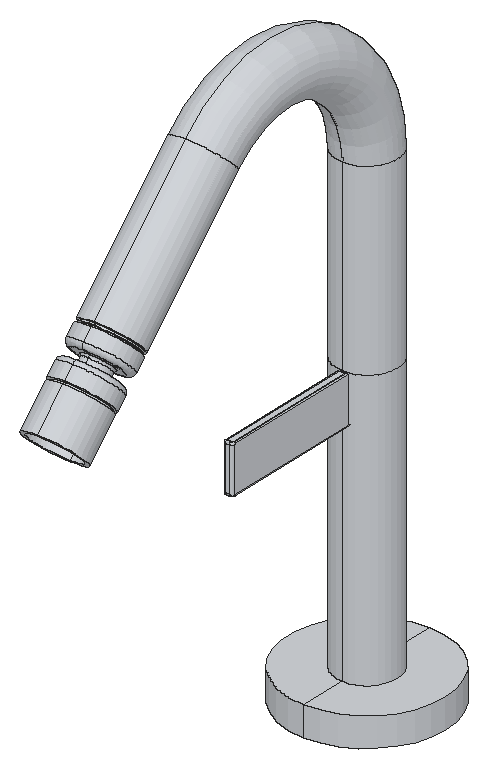
Revit family "Faucet-Bidet-KOHLER-Stillness-971W", category Plumbing Fixtures, host Face, Revit 2017
Family settings
  Host = Face
  Round Connector Dimension = Use Diameter
  Part Type = Normal
  OmniClass Number = 23.31.11.00
  OmniClass Title = Faucets
  Cut with Voids When Loaded = No
  Shared = No
  Room Calculation Point = No
Parameters (values of type "CP-Polished Chrome")
  Width = 2.32283"  # constant formula
  WaterSense Certified = 1 = 0  # no
  Waste Water Outlet = "Waste Water Outlet"  # constant formula
  Waste Connection = 1 = 0  # no
  Vent Connection = 1 = 0  # no
  URL = "https://www.kohler.co.uk/"
  Type = 1
  Spout Reach = 5.74803"  # constant formula
  Product Page URL = "https://www.kohler.co.uk/taps/deck-mount/stillness-single-lever-monobloc-bidet-mixer/"
  Product Name = "Stillness"  # constant formula
  Product Documentation Link = ""
  Pressure = 60.00 psi  # constant formula
  Model = "971W-4-CP"  # constant formula
  Material = "Brass Construction"  # constant formula
  Master Format 2014 Name = "Residential Faucets, Supplies, and Trim"  # constant formula
  Master Format 2014 = "22 41 39"  # constant formula
  Manufacturer Address = "Cromwell Road, Cheltenham, Gloucestershire. GL52 5EP Registered in England No. 252115"  # constant formula
  Manufacturer = "KOHLER Co."  # constant formula
  Length = Spout Reach  # 5.74803"
  Hot Water Inlet = "Hot Water Inlet"  # constant formula
  Height = 9.52756"  # constant formula
  Handle Clearance = 2.55906"  # constant formula
  HW Connection = 1 = 1  # yes
  Flow Rate = 1.4 GPM  # constant formula
  Finish = Kohler-Metal-CP-Polished_Chrome
  Environmental Product Declaration = ""
  Drain Included = 1 = 0  # no
  Description = "Single-lever monobloc bidet mixer"  # constant formula
  Default Elevation = 36"
  Declare Label = ""
  Date Modified = "10/15/2020"  # constant formula
  Date Created = "10/15/2020"  # constant formula
  Copyright = "Copyright KOHLER Co."  # constant formula
  Contact Us = "https://www.kohler.co.uk/support/contact/"
  Cold Water Inlet = "Cold Water Inlet"  # constant formula
  CW Connection = 1 = 1  # yes
  Assembly Code = "D2010"
  ADA Compliant = 1 = 0  # no
Reference planes (in)
  plane 1 "Center (Front/Back)": y = 0
  plane 2: z = 0
  plane 3 "Center (Left/Right)": x = 0
  plane 4: y = 1.16142
  plane 5: x = -1.16142
  plane 6: y = -1.16142
  plane 7: x = 1.16142
  plane 8: z = 0.43307
  plane 9: x = -0.45276
  plane 10: x = 0.45276
  plane 11: z = 9.52756
  plane 12: through (0, -6.06336, 5.51144) normal (0, 0.7071, -0.7071)
  plane 13: y = -5.74803
  plane 14: y = -2.55906
  plane 15: z = 5.82677
  plane 16: z = 3.8189
  plane 17: y = -6.06818
  plane 18: y = 0.45276
  plane 19: y = -0.45276
Dimensions and locks (in)
  "Height": plane 11 to level
  "Width": plane 5 to plane 7
  "Handle Clearance": plane 1 "Center (Front/Back)" to plane 14
  plane 10 to plane 9 = 0.90551"
  plane 8 to level = 0.43307"
  plane 16 to level = 3.8189"
  level to plane 15 = 5.82677"
  "Spout Reach": plane 1 "Center (Front/Back)" to plane 13
  plane 1 "Center (Front/Back)" to plane 17 = 6.06818"
  "Length": plane 13 to plane 1 "Center (Front/Back)"
  aligned and locked: plane 2 to host face
  aligned and locked: level to host face
Automatic sketch dimensions
  host sketch curve to host sketch curve = 96"  (x2)
Nested families (in)
  nested 1: "971W" at (0, 0, 0), type "971W"
Connectors (in)
  piping at (-0.45276, 0, 0), diameter 0.5, driven by "Flow Rate", driven by "Pressure", driven by "HW Connection", driven by "Hot Water Inlet"
    settings: on nested 1, index 1, connector inside diameter 24", connector length 0", flow factor 0, pipe flow 1.4 GPM, pressure drop 60.00 psi, fitting loss kfactor 0, connector angle 0.00°, fixture units 0, engagement length 0", angle of deflection 0.00°, flow configuration 1, flow direction 1, fitting loss method 4, system type 19, joint type 0, gender type 0, connector reference index -1, connector utility 1, adjustable connector no, is connector primary yes, connector description "Hot Water Inlet"
  piping at (0.45276, 0, 0), diameter 0.5, driven by "Flow Rate", driven by "Pressure", driven by "CW Connection", driven by "Cold Water Inlet"
    settings: on nested 1, index 2, connector inside diameter 24", connector length 0", flow factor 0, pipe flow 1.4 GPM, pressure drop 60.00 psi, fitting loss kfactor 0, connector angle 0.00°, fixture units 0, engagement length 0", angle of deflection 0.00°, flow configuration 1, flow direction 1, fitting loss method 4, system type 20, joint type 0, gender type 0, connector reference index -1, connector utility 1, adjustable connector no, is connector primary no, connector description "Cold Water Inlet"
Definition of nested family "971W"
  Parameters (values of type "971W")
    Material = none
  Reference planes (in)
    plane 1 "Center (Front/Back)": y = 0
    plane 2: z = 0
    plane 3 "Center (Left/Right)": x = 0
    plane 4: y = 1.16142
    plane 5: y = 0.45276
    plane 6: z = 0.43307
    plane 7: z = 3.8189
    plane 8: y = -2.55906
    plane 9: x = -1.16142
    plane 10: x = -0.45276
    plane 11: x = 1.16142
    plane 12: x = 0.45276
    plane 13: y = -1.16142
    plane 14: y = -0.45276
    plane 15: z = 9.52756
    plane 16: y = -5.74803
    plane 17: z = 5.82677
    plane 18: through (0, -5.74803, 5.82677) normal (0, -0.7071, 0.7071)
  Forms (in)
    Revolve 1, solid, material <- "Material", detail levels medium+fine
      sketch origin (0, 0, 0) x (0, 1, 0) y (0, 0, 1)
        loop
          line (1.16142, 0) -> (1.16142, 0.43307) -> (0.45276, 0.43307) -> (0.45276, 4.52738) -> (0, 4.52738) -> (0, 0) -> (1.16142, 0)
        axis (0, 4.52738) -> (0, 0)
      angle from 0 to 360
    Sweep 2, solid, material <- "Material", detail levels medium+fine
      path origin (0, 0, 0) x (1, 0, 0) y (0, 1, 0)
        loop
          line (-0.04921, -0.40576) -> (-0.04921, -2.51969)
          arc (-0.04921, -2.51969) -> (-0.04345, -2.5336) -> (-0.02953, -2.53937) r 0.01969
          line (-0.02953, -2.53937) -> (0.02953, -2.53937)
          arc (0.02953, -2.53937) -> (0.04345, -2.5336) -> (0.04921, -2.51969) r 0.01969
          line (0.04921, -2.51969) -> (0.04921, -0.40576)
      profile origin (0, -2.53937, 0) x (0, 1, 0) y (0, 0, 1)
        loop
          arc (0, 4.51575) -> (-0.01392, 4.50998) -> (-0.01969, 4.49606) r 0.01969
          line (-0.01969, 4.49606) -> (-0.01969, 3.82677)
          arc (-0.01969, 3.82677) -> (-0.01392, 3.81285) -> (0, 3.80709) r 0.01969
          line (0, 3.80709) -> (0, 4.51575)
    Extrusion 3, solid, material <- "Material", detail levels medium+fine
      sketch origin (0, 0, 0) x (1, 0, 0) y (0, 1, 0)
        loop
          arc (-0.04921, -2.51969) -> (-0.04345, -2.5336) -> (-0.02953, -2.53937) r 0.01969
          line (-0.02953, -2.53937) -> (0.02953, -2.53937)
          arc (0.02953, -2.53937) -> (0.04345, -2.5336) -> (0.04921, -2.51969) r 0.01969
          line (0.04921, -2.51969) -> (0.04921, -0.45007)
          arc (0.04921, -0.45007) -> (0, -0.45276) -> (-0.04921, -0.45007) r 0.45276
          line (-0.04921, -0.45007) -> (-0.04921, -2.51969)
      from 3.80709 to 4.51575
    Sweep 4, solid, material <- "Material", detail levels medium+fine
      path origin (0, 0, 0) x (0, 1, 0) y (0, 0, 1)
        loop
          line (0, 4.52738) -> (0, 7.286)
          arc (0, 7.286) -> (-1.09298, 8.92176) -> (-3.02248, 8.53795) r 1.77053
          line (-3.02248, 8.53795) -> (-4.7003, 6.86013)
      profile origin (0, 0, 5.90669) x (0, -1, 0) y (1, 0, 0)
        loop
          circle (0, 0) r 0.45276
    Revolve 5, solid, material <- "Material", detail levels medium+fine
      sketch origin (0, 0, 0) x (0, 1, 0) y (0, 0, 1)
        loop
          line (-6.02315, 6.10189) -> (-5.88395, 6.24108) -> (-5.60884, 5.96597) -> (-4.70749, 6.86732) -> (-5.00235, 7.16218) -> (-5.0248, 7.13973) -> (-5.00117, 7.1161) -> (-5.02309, 7.09418) -> (-5.07192, 7.143) -> (-5.211, 7.00392)
          arc (-5.211, 7.00392) -> (-5.23411, 6.94813) -> (-5.211, 6.89234) r 0.0789
          line (-5.211, 6.89234) -> (-5.11435, 6.79569)
          arc (-5.11435, 6.79569) -> (-5.11239, 6.77167) -> (-5.12387, 6.75047) r 0.04229
          line (-5.12387, 6.75047) -> (-5.19394, 6.6804) -> (-5.31015, 6.79662)
          arc (-5.31015, 6.79662) -> (-5.36423, 6.81902) -> (-5.4183, 6.79662) r 0.07648
          line (-5.4183, 6.79662) -> (-5.57291, 6.64201) -> (-5.53497, 6.60408) -> (-5.56142, 6.57763) -> (-5.59462, 6.61084) -> (-6.06336, 6.1421) -> (-6.02315, 6.10189)
        axis (-4.70749, 6.86732) -> (-5.74803, 5.82677)
      angle from 0 to 360
    Revolve 6, solid, material <- "Material", detail levels coarse
      sketch origin (0, 0, 0) x (0, 1, 0) y (0, 0, 1)
        loop
          line (1.16142, 0) -> (1.16142, 0.43307) -> (0, 0.43307) -> (0, 0) -> (1.16142, 0)
        axis (0, 0.43307) -> (0, 0)
      angle from 0 to 360
    Sweep 7, solid, material <- "Material", detail levels coarse
      path origin (0, 0, 0) x (0, 1, 0) y (0, 0, 1)
        loop
          line (0, 0.43307) -> (0, 7.29765)
          arc (0, 7.29765) -> (-1.09367, 8.93445) -> (-3.0244, 8.5504) r 1.77165
          line (-3.0244, 8.5504) -> (-5.74803, 5.82677)
      profile origin (0, 0, 3.86536) x (0, -1, 0) y (1, 0, 0)
        loop
          circle (0, 0) r 0.45276
    Extrusion 8, solid, material <- "Material", detail levels coarse
      sketch origin (0, 0, 0) x (0, 1, 0) y (0, 0, 1)
        loop
          line (-0.17717, 4.51575) -> (-2.53937, 4.51575) -> (-2.53937, 3.80709) -> (-0.17717, 3.80709) -> (-0.17717, 4.51575)
      from -0.0689 to 0.0689
    Extrusion 9, solid, material <- "Material", detail levels medium+fine
      sketch origin (0, 0, 0) x (1, 0, 0) y (0, 1, 0)
        loop
          circle (0.45276, 0) r 0.03937
        loop
          circle (-0.45276, 0) r 0.03937
      from 0 to 0.03679
  Cuts and joins
    joined: Sweep 4, Revolve 5
    joined: Revolve 6, Sweep 7, Extrusion 8
  Lines and regions (in)
    Masking region 1
      outline origin (0, 0, 0) x (1, 0, 0) y (0, 0, 1)
        loop
          line (-1.16142, 0) -> (1.16142, 0) -> (1.16142, 0.43307) -> (0.45276, 0.43307) -> (0.45276, 9.06067)
          arc (0.45276, 9.06067) -> (0, 9.51342) -> (-0.45276, 9.06067) r 0.45276
          line (-0.45276, 9.06067) -> (-0.45276, 0.43307) -> (-1.16142, 0.43307) -> (-1.16142, 0)
    Masking region 2
      outline origin (0, 0, 0) x (0, 1, 0) y (0, 0, 1)
        loop
          line (1.16142, 0) -> (1.16142, 0.43307) -> (0.45276, 0.43307) -> (0.45276, 7.29327)
          arc (0.45276, 7.29327) -> (-0.91786, 9.34453) -> (-3.33749, 8.86324) r 2.22027
          line (-3.33749, 8.86324) -> (-5.02045, 7.18028) -> (-5.0248, 7.13973) -> (-5.00117, 7.1161) -> (-5.02309, 7.09418) -> (-5.07192, 7.143) -> (-5.21203, 7.0029)
          arc (-5.21203, 7.0029) -> (-5.23424, 6.94756) -> (-5.21122, 6.89256) r 0.0786
          line (-5.21122, 6.89256) -> (-5.12208, 6.80342)
          arc (-5.12208, 6.80342) -> (-5.11148, 6.77784) -> (-5.12208, 6.75226) r 0.03617
          line (-5.12208, 6.75226) -> (-5.19394, 6.6804) -> (-5.30785, 6.79432)
          arc (-5.30785, 6.79432) -> (-5.36423, 6.81767) -> (-5.4206, 6.79432) r 0.07973
          line (-5.4206, 6.79432) -> (-5.57291, 6.64201) -> (-5.53497, 6.60408) -> (-5.56142, 6.57763) -> (-5.59462, 6.61084) -> (-6.06336, 6.1421) -> (-5.4327, 5.51144) -> (-4.96397, 5.98018) -> (-4.99717, 6.01339) -> (-4.97073, 6.03983) -> (-4.93279, 6.00189) -> (-4.77884, 6.15584)
          arc (-4.77884, 6.15584) -> (-4.75617, 6.21058) -> (-4.77884, 6.26531) r 0.0774
          line (-4.77884, 6.26531) -> (-4.8944, 6.38087) -> (-4.82254, 6.45272)
          arc (-4.82254, 6.45272) -> (-4.79696, 6.46332) -> (-4.77139, 6.45272) r 0.03617
          line (-4.77139, 6.45272) -> (-4.68224, 6.36358)
          arc (-4.68224, 6.36358) -> (-4.62724, 6.34056) -> (-4.57191, 6.36278) r 0.0786
          line (-4.57191, 6.36278) -> (-4.4318, 6.50288) -> (-4.48063, 6.55171) -> (-4.4587, 6.57363) -> (-4.43507, 6.55) -> (-4.38015, 6.53999) -> (-2.64498, 8.27516)
          arc (-2.64498, 8.27516) -> (-1.22862, 8.48515) -> (-0.45276, 7.28175) r 1.32119
          line (-0.45276, 7.28175) -> (-0.45276, 4.51575) -> (-2.55906, 4.51575) -> (-2.55906, 3.8189) -> (-0.45276, 3.8189) -> (-0.45276, 0.43307) -> (-1.16142, 0.43307) -> (-1.16142, 0) -> (1.16142, 0)
    Masking region 3
      outline origin (0, 0, 0) x (1, 0, 0) y (0, 1, 0)
        loop
          arc (0.45276, -1.06953) -> (0, 1.16142) -> (-0.45276, -1.06953) r 1.16142
          line (-0.45276, -1.06953) -> (-0.45276, -4.90406)
          arc (-0.45276, -4.90406) -> (-0.44731, -4.95129) -> (-0.43125, -4.99604) r 0.20743
          arc (-0.43125, -4.99604) -> (-0.44732, -5.04703) -> (-0.45276, -5.10022) r 0.26308
          line (-0.45276, -5.10022) -> (-0.45276, -5.25786)
          arc (-0.45276, -5.25786) -> (-0.45075, -5.28333) -> (-0.44594, -5.30843) r 0.23034
          line (-0.44594, -5.30843) -> (-0.44594, -5.74803)
          spline (-0.44594, -5.74803) -> (-0.43075, -5.82964) -> (-0.3862, -5.9057) -> (-0.31533, -5.971) -> (-0.22297, -6.02111) -> (-0.11542, -6.05261) -> (0, -6.06336) -> (0.11542, -6.05261) -> (0.22297, -6.02111) -> (0.31533, -5.971) -> (0.3862, -5.9057) -> (0.43075, -5.82964) -> (0.44594, -5.74803)
          line (0.44594, -5.74803) -> (0.44594, -5.30843)
          arc (0.44594, -5.30843) -> (0.45075, -5.28333) -> (0.45276, -5.25786) r 0.23034
          line (0.45276, -5.25786) -> (0.45276, -5.10022)
          arc (0.45276, -5.10022) -> (0.44732, -5.04703) -> (0.43125, -4.99604) r 0.26308
          arc (0.43125, -4.99604) -> (0.44731, -4.95129) -> (0.45276, -4.90406) r 0.20743
          line (0.45276, -4.90406) -> (0.45276, -1.06953)
    symbolic lines, detail levels medium+fine
      curve 1: line (-0.45276, -1.06953, 0) -> (-0.45276, 0, 0)
      curve 2: line (0.45276, -1.06953, 0) -> (0.45276, 0, 0)
      curve 3: arc (0.45276, 0, 0) -> (0, 0.45276, 0) -> (-0.45276, 0, 0) r 0.45276
      curve 4: spline (0.45276, -4.7003, 0) -> (0.43733, -4.78316, 0) -> (0.3921, -4.86037, 0) -> (0.32015, -4.92668, 0) -> (0.22638, -4.97756, 0) -> (0.11718, -5.00954, 0) -> (0, -5.02045, 0) -> (-0.11718, -5.00954, 0) -> (-0.22638, -4.97756, 0) -> (-0.32015, -4.92668, 0) -> (-0.3921, -4.86037, 0) -> (-0.43733, -4.78316, 0) -> (-0.45276, -4.7003, 0)
      curve 5: spline (-0.45263, -4.75186, 0) -> (-0.43721, -4.8347, 0) -> (-0.39199, -4.91189, 0) -> (-0.32006, -4.97818, 0) -> (-0.22632, -5.02904, 0) -> (-0.11715, -5.06101, 0) -> (0, -5.07192, 0) -> (0.11715, -5.06101, 0) -> (0.22632, -5.02904, 0) -> (0.32006, -4.97818, 0) -> (0.39199, -4.91189, 0) -> (0.43721, -4.8347, 0) -> (0.45263, -4.75186, 0)
      curve 6: spline (-0.44165, -5.32292, 0) -> (-0.41455, -5.39551, 0) -> (-0.36394, -5.46152, 0) -> (-0.2927, -5.51719, 0) -> (-0.20487, -5.55938, 0) -> (-0.10542, -5.58568, 0) -> (0, -5.59462, 0) -> (0.10542, -5.58568, 0) -> (0.20487, -5.55938, 0) -> (0.2927, -5.51719, 0) -> (0.36394, -5.46152, 0) -> (0.41455, -5.39551, 0) -> (0.44165, -5.32292, 0)
      curve 7: spline (-0.44165, -5.32292, 0) -> (-0.40841, -5.39083, 0) -> (-0.35457, -5.45179, 0) -> (-0.28286, -5.50271, 0) -> (-0.19689, -5.54104, 0) -> (-0.10099, -5.56484, 0) -> (0, -5.57291, 0) -> (0.10099, -5.56484, 0) -> (0.19689, -5.54104, 0) -> (0.28286, -5.50271, 0) -> (0.35457, -5.45179, 0) -> (0.40841, -5.39083, 0) -> (0.44165, -5.32292, 0)
      curve 8: spline (-0.42971, -4.99253, 0) -> (-0.39096, -5.05326, 0) -> (-0.33527, -5.10699, 0) -> (-0.26505, -5.15141, 0) -> (-0.18335, -5.18459, 0) -> (-0.0937, -5.20509, 0) -> (0, -5.21203, 0) -> (0.0937, -5.20509, 0) -> (0.18335, -5.18459, 0) -> (0.26505, -5.15141, 0) -> (0.33527, -5.10699, 0) -> (0.39096, -5.05326, 0) -> (0.42971, -4.99253, 0)
      curve 9: spline (0, 0, 6.1421) -> (-0.11542, 0, 6.13135) -> (-0.22297, 0, 6.09985) -> (-0.31533, 0, 6.04974) -> (-0.3862, 0, 5.98444) -> (-0.43075, 0, 5.90838) -> (-0.44594, 0, 5.82677) -> (-0.43075, 0, 5.74516) -> (-0.3862, 0, 5.66911) -> (-0.31533, 0, 5.6038) -> (-0.22297, 0, 5.55369) -> (-0.11542, 0, 5.52219) -> (0, 0, 5.51144)
      curve 10: spline (0, 0, 5.51144) -> (0.11542, 0, 5.52219) -> (0.22297, 0, 5.55369) -> (0.31533, 0, 5.6038) -> (0.3862, 0, 5.66911) -> (0.43075, 0, 5.74516) -> (0.44594, 0, 5.82677) -> (0.43075, 0, 5.90838) -> (0.3862, 0, 5.98444) -> (0.31533, 0, 6.04974) -> (0.22297, 0, 6.09985) -> (0.11542, 0, 6.13135) -> (0, 0, 6.1421)
      curve 11: spline (0, 0, 6.10189) -> (0.1007, 0, 6.09251) -> (0.19454, 0, 6.06503) -> (0.27512, 0, 6.02131) -> (0.33695, 0, 5.96433) -> (0.37582, 0, 5.89798) -> (0.38907, 0, 5.82677) -> (0.37582, 0, 5.75557) -> (0.33695, 0, 5.68921) -> (0.27512, 0, 5.63223) -> (0.19454, 0, 5.58851) -> (0.1007, 0, 5.56103) -> (0, 0, 5.55166)
      curve 12: spline (0, 0, 5.55166) -> (-0.1007, 0, 5.56103) -> (-0.19454, 0, 5.58851) -> (-0.27512, 0, 5.63223) -> (-0.33695, 0, 5.68921) -> (-0.37582, 0, 5.75557) -> (-0.38907, 0, 5.82677) -> (-0.37582, 0, 5.89798) -> (-0.33695, 0, 5.96433) -> (-0.27512, 0, 6.02131) -> (-0.19454, 0, 6.06503) -> (-0.1007, 0, 6.09251) -> (0, 0, 6.10189)
      curve 13: spline (-0.45263, 0, 6.32195) -> (-0.43498, 0, 6.41046) -> (-0.3834, 0, 6.49207) -> (-0.30192, 0, 6.56041) -> (-0.19689, 0, 6.61015) -> (-0.0765, 0, 6.63741) -> (0.04985, 0, 6.64007) -> (0.17232, 0, 6.61791) -> (0.28134, 0, 6.57268) -> (0.36843, 0, 6.50788) -> (0.42677, 0, 6.42859) -> (0.45183, 0, 6.34098) -> (0.44165, 0, 6.25188)
      curve 14: spline (-0.44594, 0, 6.29551) -> (-0.42938, 0, 6.38064) -> (-0.38094, 0, 6.45945) -> (-0.3042, 0, 6.52608) -> (-0.20487, 0, 6.57559) -> (-0.09033, 0, 6.6043) -> (0.03092, 0, 6.61008) -> (0.14988, 0, 6.59249) -> (0.2577, 0, 6.55285) -> (0.34638, 0, 6.4941) -> (0.40935, 0, 6.4206) -> (0.44191, 0, 6.33782) -> (0.44165, 0, 6.25188)
      curve 15: spline (-0.37384, 0, 6.5024) -> (-0.43995, 0, 6.60759) -> (-0.44914, 0, 6.72252) -> (-0.40024, 0, 6.83231) -> (-0.29956, 0, 6.92277) -> (-0.16014, 0, 6.9822) -> (0, 0, 7.0029) -> (0.16014, 0, 6.9822) -> (0.29956, 0, 6.92277) -> (0.40024, 0, 6.83231) -> (0.44914, 0, 6.72252) -> (0.43995, 0, 6.60759) -> (0.37384, 0, 6.5024)
      curve 16: spline (0.45276, 0, 6.86013) -> (0.43673, 0, 6.94455) -> (0.3898, 0, 7.02299) -> (0.31527, 0, 7.08991) -> (0.21843, 0, 7.14056) -> (0.10613, 0, 7.17136) -> (-0.01368, 0, 7.18013) -> (-0.13253, 0, 7.16626) -> (-0.24199, 0, 7.13071) -> (-0.33433, 0, 7.07602) -> (-0.403, 0, 7.00604) -> (-0.44315, 0, 6.92574) -> (-0.45193, 0, 6.84079)
      curve 17: line (-0.44594, 0, 6.29551) -> (-0.44594, 0, 5.85234)
      curve 18: line (0.44165, 0, 6.25188) -> (0.44165, 0, 5.85818)
      curve 19: spline (-0.45193, 0, 6.84079) -> (-0.43065, 0, 6.92147) -> (-0.38105, 0, 6.99568) -> (-0.30639, 0, 7.05853) -> (-0.21158, 0, 7.10588) -> (-0.10286, 0, 7.13463) -> (0.01262, 0, 7.14288) -> (0.12728, 0, 7.13009) -> (0.23357, 0, 7.0971) -> (0.32449, 0, 7.04608) -> (0.39408, 0, 6.98039) -> (0.43775, 0, 6.90434) -> (0.45263, 0, 6.82294)
      curve 20: spline (-0.36314, 0, 7.01227) -> (-0.32224, 0, 7.05448) -> (-0.27164, 0, 7.09104) -> (-0.21286, 0, 7.12088) -> (-0.14768, 0, 7.14307) -> (-0.07805, 0, 7.15697) -> (-0.00607, 0, 7.16215) -> (0.06609, 0, 7.15846) -> (0.13626, 0, 7.146) -> (0.20233, 0, 7.12515) -> (0.26231, 0, 7.09654) -> (0.3144, 0, 7.06103) -> (0.35702, 0, 7.01969)
      curve 21: line (-0.45276, 0, 4.52738) -> (0.45276, 0, 4.52738)
      curve 22: line (-0.0689, 0, 4.49606) -> (-0.0689, 0, 3.83907)
      curve 23: arc (-0.0689, 0, 4.49606) -> (-0.06313, 0, 4.50998) -> (-0.04921, 0, 4.51575) r 0.01969
      curve 24: line (0.04921, 0, 4.51575) -> (-0.04921, 0, 4.51575)
      curve 25: line (0.0689, 0, 3.83907) -> (0.0689, 0, 4.49606)
      curve 26: line (-0.04921, 0, 3.81939) -> (0.04921, 0, 3.81939)
      curve 27: arc (0.04921, 0, 3.81939) -> (0.06313, 0, 3.82516) -> (0.0689, 0, 3.83907) r 0.01969
      curve 28: arc (-0.04921, 0, 3.81939) -> (-0.06313, 0, 3.82516) -> (-0.0689, 0, 3.83907) r 0.01969
      curve 29: line (-0.45276, 0, 0.43307) -> (0.45276, 0, 0.43307)
      curve 30: line (0, 0.45276, 4.52738) -> (0, -0.45276, 4.52738)
      curve 31: line (0, -0.45276, 4.52738) -> (0, -0.45276, 3.80709)
      curve 32: line (0, 0.45276, 0.43307) -> (0, -0.45276, 0.43307)
      curve 33: line (0, -5.02045, 7.18028) -> (0, -4.38015, 6.53999)
      curve 34: line (0, -4.4587, 6.57363) -> (0, -5.00117, 7.1161)
      curve 35: line (0, -4.48063, 6.55171) -> (0, -5.02309, 7.09418)
      curve 36: line (0, -4.43507, 6.55) -> (0, -4.41262, 6.57245)
      curve 37: line (0, -5.00235, 7.16218) -> (0, -5.0248, 7.13973)
      curve 38: line (0, -5.21203, 7.0029) -> (0, -4.57191, 6.36278)
      curve 39: line (0, -4.77912, 6.46045) -> (0, -5.11435, 6.79569)
      curve 40: line (0, -4.8944, 6.38087) -> (0, -5.19394, 6.6804)
      curve 41: line (0, -4.97073, 6.03983) -> (0, -5.53497, 6.60408)
      curve 42: line (0, -4.99717, 6.01339) -> (0, -5.56142, 6.57763)
      curve 43: line (0, -5.47291, 5.55166) -> (0, -5.33372, 5.69085)
      curve 44: line (0, -5.33372, 5.69085) -> (0, -5.88395, 6.24108)
      curve 45: line (0, -5.88395, 6.24108) -> (0, -6.02315, 6.10189)
      curve 46: arc (0.0689, 0, 4.49606) -> (0.06313, 0, 4.50998) -> (0.04921, 0, 4.51575) r 0.01969
  Dimensions and locks (in)
    aligned and locked: plane 2 to level
